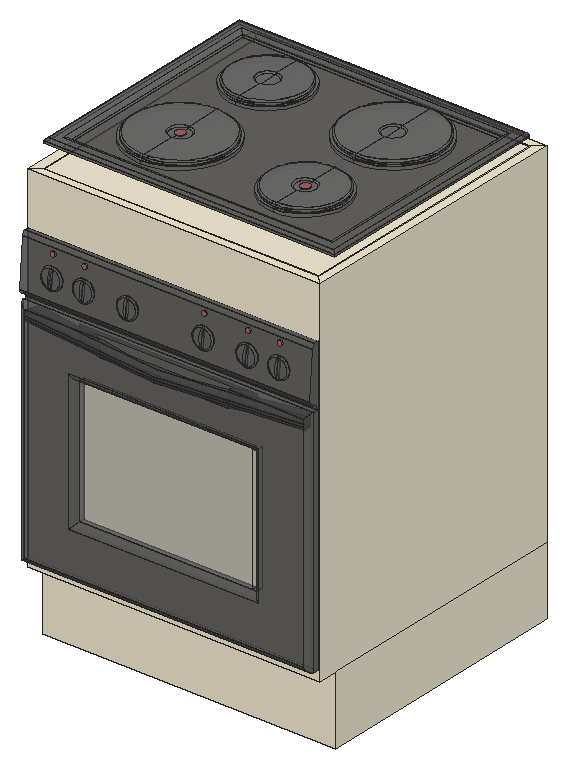
Revit family "Defy_600_Hob_and_under_counter_oven_4656", category Casework, Revit 9.0
Parameters (values of type "Defy 600 S")
  Top Height [instance] = 900 mm
  Model = "Defy 600 Series"
  Frame = Black Plastic
  Cabinet Material = Melamine Beige
  Depth = 580 mm
  Height = 870 mm
  Opening Height = 600 mm
  Plinth Depth = 40 mm
  Plinth Height = 140 mm
  Stile Width = 35 mm
  Type Comments = "594mm x 594mm Built-in"
  Width = 600 mm
  Assembly Code = ""
Reference planes
  plane 1 "Back": y = 0
  plane 2: z = 0
  plane 3 "Center": x = 18.738
  plane 4 "Left": x = -281.262
  plane 5 "Right": x = 318.738
  plane 6 "Front": y = -580
  plane 7 "Top": z = 870
  plane 8: y = -540
  plane 9: z = 140
  plane 10: z = 831.9
  plane 11: z = 159.05
  plane 12: x = -246.262
  plane 13: x = 283.738
  plane 14: z = 231.9
  plane 15: z = 2074
  plane 16: z = 627.11
  plane 17: y = -592.5
  plane 18: z = 900
  plane 19: z = 701.42
  plane 20: x = -213.762
  plane 21: z = 701.42
  plane 22: z = 701.42
  plane 23: z = 701.42
  plane 24: z = 701.42
  plane 25: z = 701.42
  plane 26: y = -290.124
  plane 27: x = 18.738
  plane 28: x = 151.238
Forms (mm)
  Extrusion 1, solid, material "Melamine Beige" <- "Cabinet Material"
    sketch origin (0, 0, 0) x (1, 0, 0) y (0, 1, 0)
      loop
        line (-281.262, 0) -> (-281.262, -540) -> (318.738, -540) -> (318.738, 0) -> (-281.262, 0)
    from 0 to 140
  Sweep 2, solid, material "Melamine Beige" <- "Cabinet Material"
    path origin (0, 0, 0) x (1, 0, 0) y (0, 1, 0)
      loop
        line (318.738, 0) -> (-281.262, 0) -> (-281.262, -580) -> (318.738, -580) -> (318.738, 0)
    profile origin (0, -290, 0) x (1, 0, 0) y (0, 0, 1)
      loop
        line (318.738, 140) -> (318.738, 870) -> (299.688, 870) -> (299.688, 140) -> (318.738, 140)
  Extrusion 3, solid, material "Melamine Beige" <- "Cabinet Material"
    sketch origin (0, 0, 0) x (1, 0, 0) y (0, 1, 0)
      loop
        line (-262.212, -19.05) -> (-262.212, -560.95) -> (299.688, -560.95) -> (299.688, -19.05) -> (-262.212, -19.05)
    from 159.05 to 140
  Extrusion 4, solid, material "Black Plastic" <- "Frame"
    sketch origin (318.738, -580, 870) x (-1, 0, 0) y (0, 0, -1)
      loop
        line (597.5, 230.95) -> (597.5, 710.95) -> (2.5, 710.95) -> (2.5, 230.95) -> (597.5, 230.95)
      loop
        line (482.5, 340.95) -> (482.5, 600.95) -> (117.5, 600.95) -> (117.5, 340.95) -> (482.5, 340.95)
    from 0 to 25
  Sweep 5, void
    path origin (318.738, -580, 870) x (-1, 0, 0) y (0, 0, -1)
      loop
        line (597.5, 230.95) -> (597.5, 710.95) -> (2.5, 710.95) -> (2.5, 230.95) -> (597.5, 230.95)
    profile origin (18.738, -580, 639.05) x (0, 0, 1) y (0, -1, 0)
      loop
        line (0, 12.5) -> (0, 25) -> (-11.94, 25)
        arc (-11.94, 25) -> (-3.465, 21.143) -> (0, 12.5) r 12.513
  Sweep 6, solid, material "Black Plastic"
    path origin (-266.822, -4572, 627.11) x (-1, 0, 0) y (0, -1, 0)
      loop
        arc (0, -3967) -> (-285.56, -3938.255) -> (-571.12, -3967) r 1432.782
    profile origin (18.738, -633.745, 627.11) x (0, 1, 0) y (0, 0, 1)
      loop
        line (28.745, 0) -> (10, 0)
        arc (10, 0) -> (2.929, -2.929) -> (0, -10) r 10
        line (0, -10) -> (0, -15)
        arc (0, -15) -> (2.929, -22.071) -> (10, -25) r 10
        line (10, -25) -> (28.745, -25) -> (28.745, 0)
  Extrusion 7, void
    sketch origin (18.738, 799.036, 627.11) x (0.979938, -0.199304, 0) y (-0.199304, -0.979938, 0)
      loop
        line (98.501, 1399.992) -> (456.178, 1327.246)
        arc (456.178, 1327.246) -> (282.508, 1389.03) -> (98.501, 1399.992) r 655.158
    from -5.258 to 33.65
  Extrusion 8, solid, material "Glass"
    sketch origin (-163.762, -592.5, 1219.2) x (-1, 0, 0) y (0, 0, 1)
      loop
        line (0, -690.15) -> (-353.882, -690.15) -> (-353.882, -950.15) -> (0, -950.15) -> (0, -690.15)
    from 0 to 10
  Sweep 9, void
    path origin (318.738, -605, 870) x (-1, 0, 0) y (0, 0, -1)
      loop
        line (482.5, 340.95) -> (482.5, 600.95) -> (117.5, 600.95) -> (117.5, 340.95) -> (482.5, 340.95)
    profile origin (18.738, -605, 529.05) x (0, 0, 1) y (0, -1, 0)
      loop
        arc (0, -12.5) -> (3.661, -3.661) -> (12.5, 0) r 12.5
        line (12.5, 0) -> (0, 0) -> (0, -12.5)
  Extrusion 10, solid, material "Black Plastic"
    sketch origin (18.738, 0, 0) x (0, 1, 0) y (0, 0, 1)
      loop
        line (-586.25, 649.05) -> (-586.25, 639.05) -> (-580, 639.05) -> (-580, 764.265) -> (-590, 764.265)
        arc (-590, 764.265) -> (-593.983, 760.26) -> (-595.692, 754.877) r 11.999
        line (-595.692, 754.877) -> (-602.319, 660.108)
        arc (-602.319, 660.108) -> (-599.894, 652.373) -> (-592.5, 649.05) r 9.888
        line (-592.5, 649.05) -> (-586.25, 649.05)
    from -297.5 to 297.5
  Extrusion 11, solid, material "Melamine Beige" <- "Cabinet Material"
    sketch origin (299.688, -560.95, 870) x (-1, 0, 0) y (0, -1, 0)
      loop
        line (561.9, -541.9) -> (561.9, 0) -> (0, 0) -> (0, -541.9) -> (561.9, -541.9)
    from 0 to -16
  Revolve 12, solid, material "Black Plastic Knob"
    sketch origin (-213.762, -4571.375, 809.798) x (0, 0, 1) y (0, -1, 0)
      loop
        line (-108.378, -3971.705) -> (-86.431, -3973.24) -> (-86.288, -3971.195)
        arc (-86.288, -3971.195) -> (-87.005, -3969.054) -> (-89.026, -3968.046) r 2.95
        line (-89.026, -3968.046) -> (-108.029, -3966.717) -> (-108.378, -3971.705)
      axis (-108.378, -3971.705) -> (-108.029, -3966.717)
    angle from 0 to 360
  Extrusion 13, solid, material "Black Plastic Knob"
    sketch origin (-213.762, -4544.499, 808.199) x (0, 0, 1) y (0, -1, 0)
      loop
        arc (-84.439, -3944.087) -> (-105.71, -3935.415) -> (-127.981, -3941.042) r 36.811
        line (-127.981, -3941.042) -> (-84.439, -3944.087)
    from -2.852 to 2.527
  Revolve 14, solid, material "Black Plastic Knob"
    sketch origin (-148.762, -4571.375, 809.798) x (0, 0, 1) y (0, -1, 0)
      loop
        line (-108.378, -3971.705) -> (-86.431, -3973.24) -> (-86.288, -3971.195)
        arc (-86.288, -3971.195) -> (-87.005, -3969.054) -> (-89.026, -3968.046) r 2.95
        line (-89.026, -3968.046) -> (-108.029, -3966.717) -> (-108.378, -3971.705)
      axis (-108.378, -3971.705) -> (-108.029, -3966.717)
    angle from 0 to 360
  Extrusion 15, solid, material "Black Plastic Knob"
    sketch origin (-148.762, -4544.499, 808.199) x (0, 0, 1) y (0, -1, 0)
      loop
        arc (-84.439, -3944.087) -> (-105.71, -3935.415) -> (-127.981, -3941.042) r 36.811
        line (-127.981, -3941.042) -> (-84.439, -3944.087)
    from -2.852 to 2.527
  Revolve 16, solid, material "Black Plastic Knob"
    sketch origin (-58.762, -4571.375, 809.798) x (0, 0, 1) y (0, -1, 0)
      loop
        line (-108.378, -3971.705) -> (-86.431, -3973.24) -> (-86.288, -3971.195)
        arc (-86.288, -3971.195) -> (-87.005, -3969.054) -> (-89.026, -3968.046) r 2.95
        line (-89.026, -3968.046) -> (-108.029, -3966.717) -> (-108.378, -3971.705)
      axis (-108.378, -3971.705) -> (-108.029, -3966.717)
    angle from 0 to 360
  Extrusion 17, solid, material "Black Plastic Knob"
    sketch origin (-58.762, -4544.499, 808.199) x (0, 0, 1) y (0, -1, 0)
      loop
        arc (-84.439, -3944.087) -> (-105.71, -3935.415) -> (-127.981, -3941.042) r 36.811
        line (-127.981, -3941.042) -> (-84.439, -3944.087)
    from -2.852 to 2.527
  Revolve 18, solid, material "Black Plastic Knob"
    sketch origin (251.238, -4571.375, 809.798) x (0, 0, 1) y (0, 1, 0)
      loop
        line (-108.378, 3971.705) -> (-108.029, 3966.717) -> (-89.026, 3968.046)
        arc (-89.026, 3968.046) -> (-87.005, 3969.054) -> (-86.288, 3971.195) r 2.95
        line (-86.288, 3971.195) -> (-86.431, 3973.24) -> (-108.378, 3971.705)
      axis (-108.378, 3971.705) -> (-108.029, 3966.717)
    angle from 0 to 360
  Extrusion 19, solid, material "Black Plastic Knob"
    sketch origin (251.238, -4544.499, 808.199) x (0, 0, 1) y (0, 1, 0)
      loop
        line (-84.439, 3944.087) -> (-127.981, 3941.042)
        arc (-127.981, 3941.042) -> (-105.71, 3935.415) -> (-84.439, 3944.087) r 36.811
    from -2.852 to 2.527
  Revolve 20, solid, material "Black Plastic Knob"
    sketch origin (186.238, -4571.375, 809.798) x (0, 0, 1) y (0, 1, 0)
      loop
        line (-108.378, 3971.705) -> (-108.029, 3966.717) -> (-89.026, 3968.046)
        arc (-89.026, 3968.046) -> (-87.005, 3969.054) -> (-86.288, 3971.195) r 2.95
        line (-86.288, 3971.195) -> (-86.431, 3973.24) -> (-108.378, 3971.705)
      axis (-108.378, 3971.705) -> (-108.029, 3966.717)
    angle from 0 to 360
  Extrusion 21, solid, material "Black Plastic Knob"
    sketch origin (186.238, -4544.499, 808.199) x (0, 0, 1) y (0, 1, 0)
      loop
        line (-84.439, 3944.087) -> (-127.981, 3941.042)
        arc (-127.981, 3941.042) -> (-105.71, 3935.415) -> (-84.439, 3944.087) r 36.811
    from -2.852 to 2.527
  Revolve 22, solid, material "Black Plastic Knob"
    sketch origin (96.238, -4571.375, 809.798) x (0, 0, 1) y (0, 1, 0)
      loop
        line (-108.378, 3971.705) -> (-108.029, 3966.717) -> (-89.026, 3968.046)
        arc (-89.026, 3968.046) -> (-87.005, 3969.054) -> (-86.288, 3971.195) r 2.95
        line (-86.288, 3971.195) -> (-86.431, 3973.24) -> (-108.378, 3971.705)
      axis (-108.378, 3971.705) -> (-108.029, 3966.717)
    angle from 0 to 360
  Extrusion 23, solid, material "Black Plastic Knob"
    sketch origin (96.238, -4544.499, 808.199) x (0, 0, 1) y (0, 1, 0)
      loop
        line (-84.439, 3944.087) -> (-127.981, 3941.042)
        arc (-127.981, 3941.042) -> (-105.71, 3935.415) -> (-84.439, 3944.087) r 36.811
    from -2.852 to 2.527
  Extrusion 24, solid, material "Lights"
    sketch origin (18.738, -602.319, 660.108) x (0, 0.069756, 0.997564) y (-1, 0, 0)
      loop
        circle (85.517, 232.5) r 5
    from 0 to 3
  Extrusion 25, solid, material "Lights"
    sketch origin (83.738, -602.319, 660.108) x (0, 0.069756, 0.997564) y (-1, 0, 0)
      loop
        circle (85.517, 232.5) r 5
    from 0 to 3
  Extrusion 26, solid, material "Lights"
    sketch origin (18.738, -602.319, 660.108) x (0, 0.069756, 0.997564) y (-1, 0, 0)
      loop
        circle (85.517, -232.5) r 5
    from 0 to 3
  Extrusion 27, solid, material "Lights"
    sketch origin (-46.262, -602.319, 660.108) x (0, 0.069756, 0.997564) y (-1, 0, 0)
      loop
        circle (85.517, -232.5) r 5
    from 0 to 3
  Extrusion 28, solid, material "Lights"
    sketch origin (-136.262, -602.319, 660.108) x (0, 0.069756, 0.997564) y (-1, 0, 0)
      loop
        circle (85.517, -232.5) r 5
    from 0 to 3
  Sweep 29, solid, material "Black Plastic"
    path origin (-879.17, -4572, 900) x (-1, 0, 0) y (0, -1, 0)
      loop
        line (-600.408, -4531.876) -> (-600.408, -4031.876) -> (-1195.408, -4031.876) -> (-1195.408, -4531.876) -> (-600.408, -4531.876)
    profile origin (18.738, -40.124, 900) x (0, 1, 0) y (0, 0, 1)
      loop
        line (0, 0) -> (0, 5)
        arc (0, 5) -> (-1.464, 8.536) -> (-5, 10) r 5
        line (-5, 10) -> (-21.15, 10)
        arc (-21.15, 10) -> (-26.89, 8.858) -> (-31.756, 5.607) r 15
        line (-31.756, 5.607) -> (-35, 2.363) -> (-247.583, 2.363) -> (-247.583, 0) -> (0, 0)
  Extrusion 30, solid, material "Black Plastic"
    sketch origin (-31.179, -287.707, 902.363) x (1, 0, 0) y (0, 1, 0)
      loop
        line (0, 0) -> (0, -4.834) -> (99.834, -4.834) -> (99.834, 0) -> (0, 0)
    from 0 to -2.4
  Revolve 31, solid, material "Stove Plate"
    sketch origin (151.238, 139.239, 1219.2) x (0, 1, 0) y (0, 0, 1)
      loop
        line (-219.748, -316.837) -> (-219.748, -309.337) -> (-224.748, -309.337) -> (-224.748, -304.837)
        arc (-224.748, -304.837) -> (-225.627, -302.716) -> (-227.748, -301.837) r 3
        line (-227.748, -301.837) -> (-299.248, -301.837) -> (-302.248, -304.837) -> (-322.248, -304.837) -> (-322.248, -316.837) -> (-219.748, -316.837)
      axis (-322.248, -301.837) -> (-322.248, -316.837)
    angle from 0 to 360
  Revolve 32, solid, material "Stove Plate"
    sketch origin (-113.762, 129.239, 1219.2) x (0, 1, 0) y (0, 0, -1)
      loop
        line (-219.748, 316.837) -> (-301.748, 316.837) -> (-301.748, 304.837) -> (-282.248, 304.837) -> (-279.248, 301.837) -> (-227.748, 301.837)
        arc (-227.748, 301.837) -> (-225.627, 302.716) -> (-224.748, 304.837) r 3
        line (-224.748, 304.837) -> (-224.748, 309.337) -> (-219.748, 309.337) -> (-219.748, 316.837)
      axis (-301.748, 301.837) -> (-301.748, 316.837)
    angle from 0 to 360
  Revolve 33, solid, material "Stove Plate"
    sketch origin (-113.762, -719.487, 1219.2) x (0, -1, 0) y (0, 0, 1)
      loop
        line (-219.748, -316.837) -> (-219.748, -309.337) -> (-224.748, -309.337) -> (-224.748, -304.837)
        arc (-224.748, -304.837) -> (-225.627, -302.716) -> (-227.748, -301.837) r 3
        line (-227.748, -301.837) -> (-299.248, -301.837) -> (-302.248, -304.837) -> (-322.248, -304.837) -> (-322.248, -316.837) -> (-219.748, -316.837)
      axis (-322.248, -301.837) -> (-322.248, -316.837)
    angle from 0 to 360
  Revolve 34, solid, material "Stove Plate"
    sketch origin (151.238, -709.487, 1219.2) x (0, -1, 0) y (0, 0, -1)
      loop
        line (-219.748, 316.837) -> (-301.748, 316.837) -> (-301.748, 304.837) -> (-282.248, 304.837) -> (-279.248, 301.837) -> (-227.748, 301.837)
        arc (-227.748, 301.837) -> (-225.627, 302.716) -> (-224.748, 304.837) r 3
        line (-224.748, 304.837) -> (-224.748, 309.337) -> (-219.748, 309.337) -> (-219.748, 316.837)
      axis (-301.748, 301.837) -> (-301.748, 316.837)
    angle from 0 to 360
  Extrusion 35, solid, material "Lights"
    sketch origin (-113.762, -397.239, 914.363) x (0, -1, 0) y (1, 0, 0)
      loop
        circle (0, 0) r 10
    from 0 to 1.5
  Extrusion 36, solid, material "Lights"
    sketch origin (151.238, -407.739, 914.363) x (-1, 0, 0) y (0, -1, 0)
      loop
        circle (0, 0) r 10
    from 0 to 1.5
Cuts and joins
  Sweep 5, Extrusion 7, Sweep 9 cuts Extrusion 4
  Extrusion 7 cuts Sweep 6
  Sweep 9 cuts Extrusion 8
  joined: Revolve 12, Extrusion 13
  joined: Sweep 29, Extrusion 30
Lines and regions (mm)
  symbolic lines, style "Plan Rep - Below"
    curve 1: line (318.738, -580, 0) -> (-281.262, -580, 0)
    curve 2: line (318.738, 0, 0) -> (318.738, -580, 0)
    curve 3: line (-281.262, 0, 0) -> (318.738, 0, 0)
    curve 4: line (-281.262, -580, 0) -> (-281.262, 0, 0)
  symbolic lines, style "Built-in Opening"
    curve 5: line (-246.262, -580, 0) -> (-246.262, -19.05, 0)
    curve 6: line (-246.262, -19.05, 0) -> (283.738, -19.05, 0)
    curve 7: line (283.738, -19.05, 0) -> (283.738, -580, 0)
  reference lines
    curve 8: line (-213.762, -601.205, 679.474) -> (-213.762, -598.135, 723.367)
    curve 9: line (-148.762, -601.205, 679.474) -> (-148.762, -598.135, 723.367)
    curve 10: line (-58.762, -601.205, 679.474) -> (-58.762, -598.135, 723.367)
    curve 11: line (251.238, -601.205, 679.474) -> (251.238, -598.135, 723.367)
    curve 12: line (186.238, -601.205, 679.474) -> (186.238, -598.135, 723.367)
    curve 13: line (96.238, -601.205, 679.474) -> (96.238, -598.135, 723.367)
Dimensions and locks
  "Depth": plane 6 "Front" to plane 1 "Back"
  "Width": plane 4 "Left" to plane 5 "Right"
  equal spacing: plane 4 "Left", plane 3 "Center", plane 5 "Right"
  "Height": level to plane 7 "Top"
  "Plinth Height": plane 2 to plane 9
  "Plinth Depth": plane 6 "Front" to plane 8
  "Stile Width": plane 4 "Left" to plane 12
  "Stile Width": plane 13 to plane 5 "Right"
  plane 7 "Top" to plane 10 = 38.1 mm
  locked: plane 11 to plane 9 at 19.05
  "Opening Height": plane 10 to plane 14
  Extrusion 4 sketch curve to Extrusion 4 sketch curve to plane 5 "Right" = 115 mm locked, 2.5 mm
  locked: Extrusion 4 sketch curve to Extrusion 4 sketch curve at 115
  locked: Extrusion 4 sketch curve to Extrusion 4 sketch curve at 110  (x2)
  locked: Extrusion 4 sketch curve to Extrusion 4 sketch curve at 595
  locked: Extrusion 4 sketch curve to Extrusion 4 sketch curve at 480
  "Top Height": plane 18 to level
  Sweep 29 sketch curve to plane 27 to Sweep 29 sketch curve = 297.5 mm locked, 297.5 mm locked
  Sweep 29 sketch curve to plane 26 to Sweep 29 sketch curve = 250 mm locked, 250 mm locked
  Sweep 2 to Sweep 29 sketch curve = 40.124 mm
  Sweep 2 to Extrusion 1 = 40 mm
  Revolve 32 sketch curve to Revolve 32 sketch curve = 77 mm
  Revolve 34 sketch curve to Revolve 34 sketch curve = 77 mm
  aligned and locked: plane 1 "Back" to Extrusion 1 sketch curve
  aligned and locked: Extrusion 1 sketch curve to plane 5 "Right"
  aligned and locked: Extrusion 1 sketch curve to plane 8
  aligned and locked: plane 4 "Left" to Extrusion 1 sketch curve
  aligned and locked: Extrusion 1 to level
  aligned and locked: Sweep 2 sketch curve to plane 6 "Front"
  aligned and locked: plane 1 "Back" to Sweep 2 sketch curve
  aligned and locked: Sweep 2 sketch curve to plane 5 "Right"  (x2)
  aligned and locked: plane 4 "Left" to Sweep 2 sketch curve
  aligned and locked: plane 7 "Top" to Sweep 2 sketch curve
  aligned and locked: plane 9 to Sweep 2 sketch curve
  aligned and locked: Sweep 2 to Extrusion 3 sketch curve  (x2)
  aligned and locked: Extrusion 3 sketch curve to Sweep 2  (x2)
  aligned and locked: Extrusion 3 to plane 11
  aligned and locked: Extrusion 3 to plane 9
  aligned and locked: plane 9 to Extrusion 1
Automatic sketch dimensions
  curve 1 to plane 4 "Left" = 0 mm
  curve 5 to plane 6 "Front" = 0 mm
  curve 5 to plane 12 = 0 mm
  curve 7 to plane 13 = 0 mm
  curve 2 to plane 5 "Right" = 0 mm
  curve 2 to plane 1 "Back" = 0 mm
  plane 1 "Back" to curve 6 = 19.05 mm
  profile plane to Sweep 2 sketch curve = 19.05 mm
  Extrusion 4 sketch curve to Sweep 2 = 230.95 mm
  Sweep 2 to Sweep 5 sketch curve = 2.5 mm
  Sweep 5 sketch curve to Sweep 2 = 2.5 mm
  Sweep 5 sketch curve to Sweep 2 = 230.95 mm
  Sweep 2 to Sweep 5 sketch curve = 19.05 mm
  Sweep 5 sketch curve to profile plane = 0 mm  (x2)
  profile plane to Sweep 5 sketch curve = 11.94 mm
  profile plane to Sweep 5 sketch curve = 12.513 mm
  profile plane to Sweep 5 sketch curve = 12.5 mm
  Sweep 5 sketch curve to Sweep 5 sketch curve = 0 mm
  Sweep 6 sketch curve to plane 3 "Center" = 0 mm
  Sweep 6 sketch curve to plane 5 "Right" = 14.44 mm
  plane 4 "Left" to Sweep 6 sketch curve = 14.44 mm
  Sweep 6 sketch curve to plane 1 "Back" = 799.036 mm
  Sweep 6 sketch curve to plane 17 = 12.5 mm
  Sweep 6 sketch curve to profile plane = 0 mm
  Sweep 6 sketch curve to plane 16 = 0 mm
  Sweep 6 sketch curve to Sweep 6 sketch curve = 10 mm
  Sweep 6 sketch curve to profile plane = 10 mm
  Sweep 6 sketch curve to Sweep 6 sketch curve = 18.745 mm
  Sweep 6 sketch curve to Sweep 6 sketch curve = 5 mm
  Sweep 6 to Extrusion 7 sketch curve = 98.501 mm
  Sweep 6 to Extrusion 7 sketch curve = 151.932 mm
  Extrusion 7 sketch curve to Extrusion 7 sketch curve = 357.677 mm
  Sweep 6 to Extrusion 7 sketch curve = 456.178 mm
  Extrusion 7 sketch curve to Extrusion 7 sketch curve = 72.746 mm
  plane 28 to Extrusion 8 sketch curve = 38.882 mm
  plane 20 to Extrusion 8 sketch curve = 50 mm
  Extrusion 8 sketch curve to plane 14 = 37.15 mm
  Extrusion 8 sketch curve to plane 16 = 98.06 mm
  Sweep 9 sketch curve to Extrusion 4 = 0 mm  (x4)
  Sweep 9 sketch curve to profile plane = 0 mm  (x2)
  Sweep 9 sketch curve to profile plane = 12.5 mm
  Extrusion 10 sketch curve to plane 17 = 0 mm
  Extrusion 10 sketch curve to plane 6 "Front" = 0 mm
  Extrusion 10 sketch curve to plane 17 = 3.192 mm
  Extrusion 10 sketch curve to plane 17 = 9.819 mm
  plane 17 to Extrusion 10 sketch curve = 2.5 mm
  plane 6 "Front" to Extrusion 10 sketch curve = 6.25 mm
  plane 6 "Front" to Extrusion 10 sketch curve = 3.723 mm
  plane 16 to Extrusion 10 sketch curve = 11.94 mm
  Extrusion 10 sketch curve to Extrusion 10 sketch curve = 10 mm
  Extrusion 10 sketch curve to Extrusion 10 sketch curve = 9.888 mm
  plane 10 to Extrusion 10 sketch curve = 77.86 mm
  Extrusion 10 sketch curve to Extrusion 10 sketch curve = 0.837 mm
  Extrusion 11 sketch curve to Sweep 2 = 0 mm  (x3)
  Sweep 2 to Extrusion 11 sketch curve = 541.9 mm
  Revolve 12 sketch curve to plane 19 = 0 mm  (x2)
  plane 19 to Revolve 12 sketch curve = 0.349 mm
  Revolve 12 sketch curve to Revolve 12 sketch curve = 0 mm  (x3)
  Revolve 12 sketch curve to plane 17 = 7.886 mm
  plane 19 to Revolve 12 sketch curve = 19.146 mm
  Revolve 12 sketch curve to Revolve 12 sketch curve = 0.206 mm
  Revolve 12 sketch curve to plane 17 = 5.635 mm
  Revolve 12 sketch curve to Revolve 12 sketch curve = 2.8 mm
  Revolve 12 sketch curve to Revolve 12 sketch curve = 0.143 mm
  curve 8 to curve 8 = 44 mm
  Extrusion 13 sketch curve to plane 17 = 10.957 mm
  plane 16 to Extrusion 13 sketch curve = 53.108 mm
  Extrusion 13 sketch curve to plane 6 "Front" = 7.636 mm
  Extrusion 13 sketch curve to Extrusion 13 sketch curve = 19.703 mm
  Extrusion 13 sketch curve to plane 17 = 7.913 mm
  Revolve 14 sketch curve to plane 21 = 0 mm  (x2)
  plane 21 to Revolve 14 sketch curve = 0.349 mm
  Revolve 14 sketch curve to Revolve 14 sketch curve = 0 mm  (x3)
  Revolve 14 sketch curve to plane 17 = 7.886 mm
  plane 21 to Revolve 14 sketch curve = 19.146 mm
  Revolve 14 sketch curve to Revolve 14 sketch curve = 0.206 mm
  Revolve 14 sketch curve to plane 17 = 5.635 mm
  Revolve 14 sketch curve to Revolve 14 sketch curve = 2.8 mm
  Revolve 14 sketch curve to Revolve 14 sketch curve = 0.143 mm
  curve 9 to curve 9 = 44 mm
  Extrusion 15 sketch curve to plane 17 = 10.957 mm
  plane 16 to Extrusion 15 sketch curve = 53.108 mm
  Extrusion 15 sketch curve to plane 6 "Front" = 7.636 mm
  Extrusion 15 sketch curve to Extrusion 15 sketch curve = 19.703 mm
  Extrusion 15 sketch curve to plane 17 = 7.913 mm
  Revolve 16 sketch curve to plane 22 = 0 mm  (x2)
  plane 22 to Revolve 16 sketch curve = 0.349 mm
  Revolve 16 sketch curve to Revolve 16 sketch curve = 0 mm  (x3)
  Revolve 16 sketch curve to plane 17 = 7.886 mm
  plane 22 to Revolve 16 sketch curve = 19.146 mm
  Revolve 16 sketch curve to Revolve 16 sketch curve = 0.206 mm
  Revolve 16 sketch curve to plane 17 = 5.635 mm
  Revolve 16 sketch curve to Revolve 16 sketch curve = 2.8 mm
  Revolve 16 sketch curve to Revolve 16 sketch curve = 0.143 mm
  curve 10 to curve 10 = 44 mm
  Extrusion 17 sketch curve to plane 17 = 10.957 mm
  plane 16 to Extrusion 17 sketch curve = 53.108 mm
  Extrusion 17 sketch curve to plane 6 "Front" = 7.636 mm
  Extrusion 17 sketch curve to Extrusion 17 sketch curve = 19.703 mm
  Extrusion 17 sketch curve to plane 17 = 7.913 mm
  Revolve 18 sketch curve to plane 23 = 0 mm  (x2)
  plane 23 to Revolve 18 sketch curve = 0.349 mm
  Revolve 18 sketch curve to Revolve 18 sketch curve = 0 mm  (x3)
  Revolve 18 sketch curve to plane 17 = 7.886 mm
  plane 23 to Revolve 18 sketch curve = 19.146 mm
  Revolve 18 sketch curve to Revolve 18 sketch curve = 0.206 mm
  Revolve 18 sketch curve to plane 17 = 5.635 mm
  Revolve 18 sketch curve to Revolve 18 sketch curve = 2.8 mm
  Revolve 18 sketch curve to Revolve 18 sketch curve = 0.143 mm
  curve 11 to curve 11 = 44 mm
  Extrusion 19 sketch curve to plane 17 = 10.957 mm
  plane 16 to Extrusion 19 sketch curve = 53.108 mm
  Extrusion 19 sketch curve to plane 6 "Front" = 7.636 mm
  Extrusion 19 sketch curve to Extrusion 19 sketch curve = 19.703 mm
  Extrusion 19 sketch curve to plane 17 = 7.913 mm
  Revolve 20 sketch curve to plane 24 = 0 mm  (x2)
  plane 24 to Revolve 20 sketch curve = 0.349 mm
  Revolve 20 sketch curve to Revolve 20 sketch curve = 0 mm  (x3)
  Revolve 20 sketch curve to plane 17 = 7.886 mm
  plane 24 to Revolve 20 sketch curve = 19.146 mm
  Revolve 20 sketch curve to Revolve 20 sketch curve = 0.206 mm
  Revolve 20 sketch curve to plane 17 = 5.635 mm
  Revolve 20 sketch curve to Revolve 20 sketch curve = 2.8 mm
  Revolve 20 sketch curve to Revolve 20 sketch curve = 0.143 mm
  curve 12 to curve 12 = 44 mm
  Extrusion 21 sketch curve to plane 17 = 10.957 mm
  plane 16 to Extrusion 21 sketch curve = 53.108 mm
  Extrusion 21 sketch curve to plane 6 "Front" = 7.636 mm
  Extrusion 21 sketch curve to Extrusion 21 sketch curve = 19.703 mm
  Extrusion 21 sketch curve to plane 17 = 7.913 mm
  Revolve 22 sketch curve to plane 25 = 0 mm  (x2)
  plane 25 to Revolve 22 sketch curve = 0.349 mm
  Revolve 22 sketch curve to Revolve 22 sketch curve = 0 mm  (x3)
  Revolve 22 sketch curve to plane 17 = 7.886 mm
  plane 25 to Revolve 22 sketch curve = 19.146 mm
  Revolve 22 sketch curve to Revolve 22 sketch curve = 0.206 mm
  Revolve 22 sketch curve to plane 17 = 5.635 mm
  Revolve 22 sketch curve to Revolve 22 sketch curve = 2.8 mm
  Revolve 22 sketch curve to Revolve 22 sketch curve = 0.143 mm
  curve 13 to curve 13 = 44 mm
  Extrusion 23 sketch curve to plane 17 = 10.957 mm
  plane 16 to Extrusion 23 sketch curve = 53.108 mm
  Extrusion 23 sketch curve to plane 6 "Front" = 7.636 mm
  Extrusion 23 sketch curve to Extrusion 23 sketch curve = 19.703 mm
  Extrusion 23 sketch curve to plane 17 = 7.913 mm
  Extrusion 10 to Extrusion 24 sketch curve = 9.483 mm
  Extrusion 10 to Extrusion 24 sketch curve = 65 mm
  Extrusion 10 to Extrusion 25 sketch curve = 9.483 mm
  Extrusion 10 to Extrusion 25 sketch curve = 130 mm
  Extrusion 10 to Extrusion 26 sketch curve = 9.483 mm
  Extrusion 10 to Extrusion 26 sketch curve = 65 mm
  Extrusion 10 to Extrusion 27 sketch curve = 9.483 mm
  Extrusion 10 to Extrusion 27 sketch curve = 130 mm
  Extrusion 10 to Extrusion 28 sketch curve = 9.483 mm
  Extrusion 10 to Extrusion 28 sketch curve = 220 mm
  Sweep 29 sketch curve to plane 18 = 0 mm
  Sweep 29 sketch curve to profile plane = 0 mm
  profile plane to Sweep 29 sketch curve = 5 mm
  Sweep 29 sketch curve to Sweep 29 sketch curve = 16.15 mm
  plane 18 to Sweep 29 sketch curve = 5.607 mm
  Sweep 29 sketch curve to Sweep 29 sketch curve = 10.607 mm
  plane 18 to Sweep 29 sketch curve = 2.363 mm
  Sweep 29 sketch curve to Sweep 29 sketch curve = 3.244 mm
  Sweep 29 sketch curve to Sweep 29 sketch curve = 212.583 mm
  Sweep 29 sketch curve to plane 18 = 5 mm
  Extrusion 30 sketch curve to Sweep 29 = 0 mm  (x4)
  plane 18 to Revolve 31 sketch curve = 2.363 mm
  plane 1 "Back" to Revolve 31 sketch curve = 183.009 mm
  Revolve 31 sketch curve to Revolve 31 sketch curve = 0 mm  (x3)
  plane 18 to Revolve 31 sketch curve = 14.363 mm  (x2)
  Revolve 31 sketch curve to Revolve 31 sketch curve = 20 mm
  plane 18 to Revolve 31 sketch curve = 17.363 mm
  Revolve 31 sketch curve to Revolve 31 sketch curve = 3 mm
  Revolve 31 sketch curve to Revolve 31 sketch curve = 71.5 mm
  Revolve 31 sketch curve to Revolve 31 sketch curve = 5 mm
  Revolve 31 sketch curve to Revolve 31 sketch curve = 4.5 mm
  plane 18 to Revolve 32 sketch curve = 14.363 mm  (x2)
  plane 1 "Back" to Revolve 32 sketch curve = 172.509 mm
  Revolve 32 sketch curve to Revolve 32 sketch curve = 0 mm  (x3)
  Revolve 32 sketch curve to Revolve 32 sketch curve = 19.5 mm
  Revolve 32 sketch curve to Revolve 32 sketch curve = 3 mm  (x2)
  plane 18 to Revolve 32 sketch curve = 2.363 mm
  Revolve 32 sketch curve to Revolve 32 sketch curve = 5 mm
  Revolve 32 sketch curve to Revolve 32 sketch curve = 4.5 mm
  plane 18 to Revolve 33 sketch curve = 2.363 mm
  Revolve 33 sketch curve to plane 8 = 142.761 mm
  Revolve 33 sketch curve to Revolve 33 sketch curve = 0 mm  (x3)
  plane 18 to Revolve 33 sketch curve = 14.363 mm  (x2)
  Revolve 33 sketch curve to Revolve 33 sketch curve = 20 mm
  plane 18 to Revolve 33 sketch curve = 17.363 mm
  Revolve 33 sketch curve to Revolve 33 sketch curve = 3 mm
  Revolve 33 sketch curve to plane 8 = 48.261 mm
  Revolve 33 sketch curve to Revolve 33 sketch curve = 5 mm
  Revolve 33 sketch curve to Revolve 33 sketch curve = 4.5 mm
  plane 18 to Revolve 34 sketch curve = 14.363 mm  (x2)
  Revolve 34 sketch curve to plane 8 = 132.261 mm
  Revolve 34 sketch curve to Revolve 34 sketch curve = 0 mm  (x3)
  Revolve 34 sketch curve to Revolve 34 sketch curve = 19.5 mm
  Revolve 34 sketch curve to Revolve 34 sketch curve = 3 mm  (x2)
  plane 18 to Revolve 34 sketch curve = 2.363 mm
  Revolve 34 sketch curve to Revolve 34 sketch curve = 5 mm
  Revolve 34 sketch curve to Revolve 34 sketch curve = 4.5 mm
  Extrusion 36 sketch curve to plane 28 = 0 mm
  Extrusion 36 sketch curve to plane 8 = 132.261 mm
  radius of Extrusion 24 sketch curve = 5 mm
  radius of Extrusion 25 sketch curve = 5 mm
  radius of Extrusion 26 sketch curve = 5 mm
  radius of Extrusion 27 sketch curve = 5 mm
  radius of Extrusion 28 sketch curve = 5 mm
  radius of Extrusion 35 sketch curve to Revolve 33 = 10 mm
  radius of Extrusion 36 sketch curve = 10 mm
